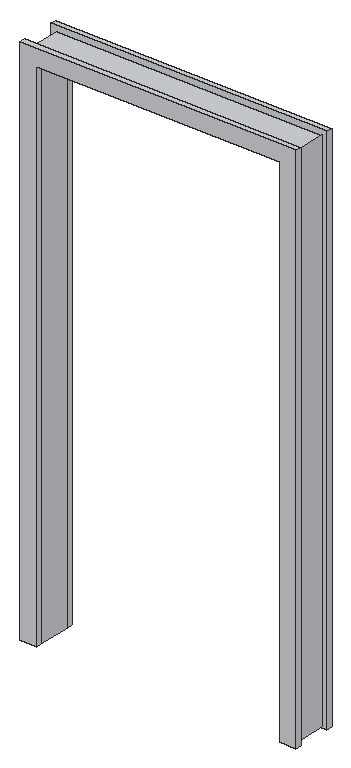
Revit family "auto-Door-pass", category 门, Revit 2020
Family settings
  主体 = 墙
  OmniClass 编号 = 23.30.10.00
  OmniClass 标题 = Doors
  总是垂直 = 是
  加载时剪切的空心 = 否
  共享 = 否
  房间计算点 = 否
Parameters (values of type "1200 x 2400mm")
  厚度 = 0 mm
  Rough Width = 宽度  # 1200 mm
  Rough Height = 高度  # 2400 mm
  贴面宽度 = 框架宽度 + 25 mm  # 75 mm
  贴面厚度 = 25 mm
  贴面材质 = none
  功能 = 内部
  高度 = 2400 mm
  墙闭合 = 按主体
  宽度 = 1200 mm
  框架宽度 = 50 mm
  框架材质 = none
Reference planes
  plane 1 "中心(前/后)": y = 0
  plane 2 "中心(左/右)": x = 0
  plane 3 "左": x = -600
  plane 4 "右": x = 600
  plane 5: z = 2400
  plane 6 "外部": y = 75
  plane 7 "内部": y = -75
  plane 8: z = 1200
  plane 9: y = 100
  plane 10: y = -100
  plane 11: x = -625
  plane 12: x = -550
  plane 13: x = 550
  plane 14: x = 625
  plane 15: z = 2350
  plane 16: z = 2425
  plane 17: z = 1400
  plane 18: x = 200
Forms (mm)
  Extrusion 1, solid, material <- "框架材质"
    sketch origin (0, 0, 0) x (1, 0, 0) y (0, 0, 1)
      loop
        line (600, 2400) -> (-600, 2400) -> (-600, 0) -> (-550, 0) -> (-550, 2350) -> (550, 2350) -> (550, 0) -> (600, 0) -> (600, 2400)
    from -75 to 75
  Extrusion 2, solid, material <- "贴面材质", detail levels fine
    sketch origin (0, 0, 0) x (1, 0, 0) y (0, 0, 1)
      loop
        line (625, 2425) -> (-625, 2425) -> (-625, 0) -> (-550, 0) -> (-550, 2350) -> (550, 2350) -> (550, 0) -> (625, 0) -> (625, 2425)
    from 75 to 100
  Extrusion 3, solid, material <- "贴面材质", detail levels fine
    sketch origin (0, 0, 0) x (1, 0, 0) y (0, 0, 1)
      loop
        line (625, 2425) -> (-625, 2425) -> (-625, 0) -> (-550, 0) -> (-550, 2350) -> (550, 2350) -> (550, 0) -> (625, 0) -> (625, 2425)
    from -100 to -75
Lines and regions (mm)
  Opening 1
    outline origin (-3050, -75, 0) x (1, 0, 0) y (0, 0, 1)
      loop
        line (2450, 0) -> (3650, 0) -> (3650, 2400) -> (2450, 2400) -> (2450, 0)
  Masking region 1
    outline origin (0, 0, 0) x (0, 1, 0) y (0, 0, 1)
      loop
        line (75, 2400) -> (-75, 2400) -> (-75, 0) -> (75, 0) -> (75, 2400)
  symbolic lines, style "平/剖面打开方向 - 实线"
    curve 1: line (0, 75, 2400) -> (0, -75, 2400)
    curve 2: line (0, 75, 0) -> (0, 75, 2400)
    curve 3: line (0, -75, 0) -> (0, 75, 0)
    curve 4: line (0, -75, 2400) -> (0, -75, 0)
  symbolic lines, style "立面打开方向 - 实线"
    curve 5: line (-600, 0, 2400) -> (200, 0, 1400)
    curve 6: line (200, 0, 1400) -> (600, 0, 0)
Text (mm)
  text "外部" at (-2295.016, 1099.543, 0), in view "参照标高"
  text "外部" at (0, 1615.38, 3698.081), in view "左"
  text "外部" at (0, 1036.032, 3874.932), in view "右"
Dimensions and locks
  equal spacing: plane 3 "左", plane 2 "中心(左/右)", plane 4 "右"
  "宽度": plane 3 "左" to plane 4 "右"
  "高度": plane 5 to host wall
  locked: plane 6 "外部" to host wall
  locked: plane 7 "内部" to host wall
  equal spacing: level, plane 8, plane 5
  "贴面宽度": plane 11 to plane 12
  "贴面厚度": plane 9 to plane 6 "外部"
  "框架宽度": plane 3 "左" to plane 12
  "贴面厚度": plane 7 "内部" to plane 10
  "贴面宽度": plane 13 to plane 14
  "框架宽度": plane 13 to plane 4 "右"
  "框架宽度": plane 15 to plane 5
  "贴面宽度": plane 15 to plane 16
  locked: plane 8 to plane 17 at 200
  locked: plane 2 "中心(左/右)" to plane 18 at 200
  aligned and locked: plane 3 "左" to Opening 1 sketch curve
  aligned and locked: plane 5 to Opening 1 sketch curve  (x2)
  aligned and locked: Opening 1 sketch curve to plane 4 "右"
  aligned and locked: Opening 1 sketch curve to level
  aligned and locked: plane 1 "中心(前/后)" to host wall
  aligned and locked: plane 5 to Extrusion 1 sketch curve
  aligned and locked: plane 4 "右" to Extrusion 1 sketch curve
  aligned and locked: Extrusion 1 sketch curve to plane 15
  aligned and locked: Extrusion 1 sketch curve to plane 3 "左"
  aligned and locked: plane 12 to Extrusion 1 sketch curve
  aligned and locked: level to Extrusion 1 sketch curve  (x2)
  aligned and locked: Extrusion 1 to plane 6 "外部"
  aligned and locked: plane 7 "内部" to Extrusion 1
  aligned and locked: Extrusion 2 sketch curve to plane 14
  aligned and locked: Extrusion 2 sketch curve to plane 13
  aligned and locked: Extrusion 2 sketch curve to plane 16
  aligned and locked: Extrusion 2 sketch curve to plane 15
  aligned and locked: plane 11 to Extrusion 2 sketch curve
  aligned and locked: plane 12 to Extrusion 2 sketch curve
  aligned and locked: level to Extrusion 2 sketch curve  (x2)
  aligned and locked: Extrusion 2 to plane 10
  aligned and locked: Extrusion 2 to plane 7 "内部"
  aligned and locked: Extrusion 3 sketch curve to plane 14
  aligned and locked: Extrusion 3 sketch curve to plane 13
  aligned and locked: Extrusion 3 sketch curve to plane 16
  aligned and locked: Extrusion 3 sketch curve to plane 15
  aligned and locked: plane 11 to Extrusion 3 sketch curve
  aligned and locked: plane 12 to Extrusion 3 sketch curve
  aligned and locked: level to Extrusion 3 sketch curve  (x2)
  aligned and locked: plane 6 "外部" to Extrusion 3
  aligned and locked: plane 9 to Extrusion 3
  aligned and locked: Masking region 1 sketch curve to host wall  (x3)
  aligned and locked: host wall to Masking region 1 sketch curve
  aligned and locked: curve 1 to host wall
  aligned and locked: curve 2 to host wall
  aligned and locked: curve 3 to host wall
  aligned and locked: host wall to curve 4
  aligned and locked: Extrusion 1 sketch curve to plane 13
  aligned and locked: plane 4 "右" to curve 6
  aligned and locked: level to curve 6
  aligned and locked: plane 17 to curve 6
  aligned and locked: plane 18 to curve 6
  aligned and locked: plane 5 to curve 5
  aligned and locked: plane 3 "左" to curve 5
